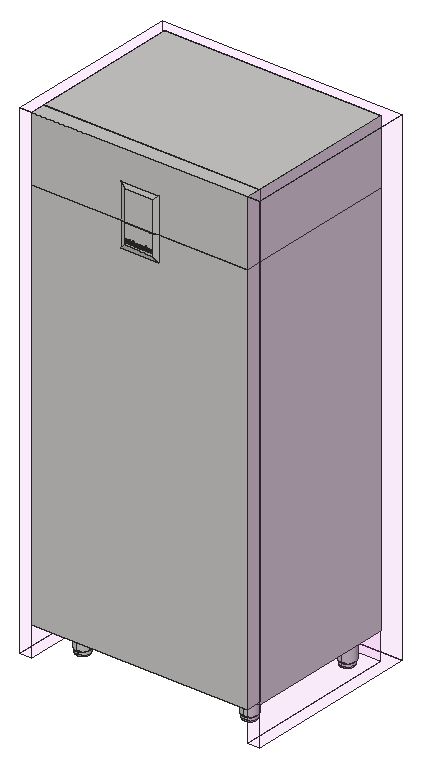
Revit family "QF_ELECTROLUXPROFESSIONAL_691350_PS06R1FLHC", category Specialty Equipment, Revit 2018
Family settings
  Round Connector Dimension = Use Diameter
  Part Type = Normal
  Work Plane-Based = No
  Always vertical = Yes
  Cut with Voids When Loaded = No
  Shared = No
  Room Calculation Point = No
Parameters
  Weight = 28.8044 lbm
  Watts = 0 W
  Volts = 380 V
  URL Manufacturer = "http://professional.electrolux.com/"
  URL = "http://professional.electrolux.com/"
  Steam Supply Size = 0"
  Steam Supply Minimum Pressure = 0.00 psi
  Steam Supply Maximum Pressure = 0.00 psi
  Steam Pounds per Hour = 0
  Show Clearance [instance] = yes
  Refrigeration Suction Line Size = 0"
  Refrigeration Liquid Line Size = 0"
  Refrigerant Compressor Remote = yes
  Phase = 0
  Model = "RBC201"
  Manufacturer = "Electrolux"
  Length Actual = 900 mm  # constant formula
  Item Number = "726624"
  Hot Water Size = 0"
  Height Actual = 2040 mm  # constant formula
  HP = "0.2 HP"
  Gas Size = 0"
  Gas KW = 0
  Gas Input Pressure = 0.0 Btu/h
  Direct Waste Size = 0"
  Description = "BLAST CHILLER 56 KG 20 GN1/1"
  Depth Actual = 700 mm  # constant formula
  Cycle = 50 Hz
  Condensate Return Size = 0"
  Compressed Air Volume = 0 GPM
  Compressed Air Size = 0"
  Compressed Air Pressure = 0.00 psi
  Cold Water Size = 0"
  Accessory = yes
Types (2, lengths in mm): name | Volts | URL Manufacturer | URL | Phase | Model | Manufacturer | Item Number | Description
  (no name) | 380 V | "http://professional.electrolux.com/" | "http://professional.electrolux.com/" | 0 | "RBC201" | "Electrolux" | "726624" | "BLAST CHILLER 56 KG 20 GN1/1"
  Standard | 220 V | "http://professional.electrolux.com" | "http://professional.electrolux.com" | 1 | "PS06R1FLHC" | "Electrolux Professional" | "691350" | "1-DOOR REFRIGERATOR 720LT,0/+10°,PROSTORE,R290-LEFT"
Reference planes
  plane 1 "BACK": y = 0
  plane 2: z = 0
  plane 3 "LEFT": x = 0
  plane 4 "RIGHT": x = 900
  plane 5 "FRONT": y = -700
  plane 6 "TOP": z = 2040
  plane 7 "Center Y": x = 450
  plane 8 "Center X": y = -350
  plane 9: x = 102
  plane 10: x = 798
  plane 11: z = 115
  plane 12: z = 86
  plane 13: y = -80
  plane 14: y = -694
  plane 15: y = -1527
  plane 16: y = -630
  plane 17: z = 1770
  plane 18: x = -50
  plane 19: y = 50
  plane 20: x = 950
Forms (mm)
  Extrusion 1, solid, material "QF_Metal - Stainless - Polished"
    sketch origin (0, 0, 0) x (1, 0, 0) y (0, 0, 1)
      loop
        line (0, 2040) -> (0, 1770) -> (900, 1770) -> (900, 2040) -> (0, 2040)
    from 0 to 630
  Extrusion 2, solid, material "QF_Metal - Stainless - Polished"
    sketch origin (0, 0, 0) x (1, 0, 0) y (0, 0, 1)
      loop
        line (0, 1770) -> (0, 115) -> (900, 115) -> (900, 1770) -> (0, 1770)
    from 0 to 630
  Extrusion 3, solid, material "QF_Metal - Stainless - Polished"
    sketch origin (-370, 0, -128) x (1, 0, 0) y (0, 0, 1)
      loop
        circle (450, 1847.083) r 20
    from -7.507 to 0
  Extrusion 4, solid, material "QF_Metal - Stainless - Polished"
    sketch origin (0, 130.478, 0) x (1, 0, 0) y (0, 0, 1)
      loop
        line (0, 2040) -> (0, 1770) -> (900, 1770) -> (900, 2040) -> (0, 2040)
    from 760.478 to 824.478
  Extrusion 5, solid, material "QF_Metal - Stainless - Polished"
    sketch origin (0, 140, 0) x (1, 0, 0) y (0, 0, 1)
      loop
        line (0, 1770) -> (0, 127.536) -> (900, 127.536) -> (900, 1770) -> (0, 1770)
    from 834 to 770
  Revolve 6, solid, material "QF_Metal - Stainless - Polished"
    sketch origin (798, -2.833, 0) x (0, 1, 0) y (0, 0, -1)
      loop
        line (-590.954, -115) -> (-553.167, -115) -> (-553.167, 0) -> (-578.757, 0)
        arc (-578.757, 0) -> (-580.973, -2.655) -> (-581.767, -6.021) r 7.527
        line (-581.767, -6.021) -> (-581.767, -17.561) -> (-585.28, -21.074) -> (-585.28, -110.008) -> (-590.954, -110.008) -> (-590.954, -115)
      axis (-553.167, 0) -> (-553.167, -115)
    angle from 0 to 360
  Revolve 7, solid, material "QF_Metal - Stainless - Polished"
    sketch origin (102, -2.833, 0) x (0, 1, 0) y (0, 0, 1)
      loop
        line (-590.954, 115) -> (-590.954, 110.008) -> (-585.28, 110.008) -> (-585.28, 21.074) -> (-581.767, 17.561) -> (-581.767, 6.021)
        arc (-581.767, 6.021) -> (-580.973, 2.655) -> (-578.757, 0) r 7.527
        line (-578.757, 0) -> (-553.167, 0) -> (-553.167, 115) -> (-590.954, 115)
      axis (-553.167, 0) -> (-553.167, 115)
    angle from 0 to 360
  Revolve 8, solid, material "QF_Metal - Stainless - Polished"
    sketch origin (824, -759.167, 0) x (0, -1, 0) y (0, 0, 1)
      loop
        line (-716.954, 115) -> (-716.954, 110.008) -> (-711.28, 110.008) -> (-711.28, 21.074) -> (-707.767, 17.561) -> (-707.767, 6.021)
        arc (-707.767, 6.021) -> (-706.973, 2.655) -> (-704.757, 0) r 7.527
        line (-704.757, 0) -> (-679.167, 0) -> (-679.167, 115) -> (-716.954, 115)
      axis (-679.167, 0) -> (-679.167, 115)
    angle from 0 to 360
  Revolve 9, solid, material "QF_Metal - Stainless - Polished"
    sketch origin (76, -759.167, 0) x (0, -1, 0) y (0, 0, 1)
      loop
        line (-716.954, 115) -> (-716.954, 110.008) -> (-711.28, 110.008) -> (-711.28, 21.074) -> (-707.767, 17.561) -> (-707.767, 6.021)
        arc (-707.767, 6.021) -> (-706.973, 2.655) -> (-704.757, 0) r 7.527
        line (-704.757, 0) -> (-679.167, 0) -> (-679.167, 115) -> (-716.954, 115)
      axis (-679.167, 0) -> (-679.167, 115)
    angle from 0 to 360
  Blend 10, solid, material "QF_Metal - Stainless - Polished"
    base sketch origin (0, -694, 0) x (1, 0, 0) y (0, 0, 1)
      loop
        line (370, 1914.822) -> (370, 1664.822) -> (530, 1664.822) -> (530, 1914.822) -> (370, 1914.822)
    top sketch origin (0, -694, 0) x (1, 0, 0) y (0, 0, 1)
      loop
        line (510, 1894.822) -> (390, 1894.822) -> (390, 1684.822) -> (510, 1684.822) -> (510, 1894.822)
    from 0 to 6
  Extrusion 11, void
    sketch origin (0, -700, 0) x (-1, 0, 0) y (0, 0, 1)
      loop
        line (-370, 1770.997) -> (-530, 1770.997) -> (-530, 1769.003) -> (-370, 1769.003) -> (-370, 1770.997)
    from 0 to 6
  Extrusion 12, solid, material "QF_Door-Drawer Clearances"
    sketch origin (0, 0, 0) x (1, 0, 0) y (0, 1, 0)
      loop
        line (0, -694) -> (0, 0) -> (900, 0) -> (900, -694) -> (950, -694) -> (950, 50) -> (-50, 50) -> (-50, -694) -> (0, -694)
    from 0 to 2040
  Extrusion 13, solid, material "QF_Door-Drawer Clearances", visible <- "Show Clearance", detail levels coarse
    sketch origin (900, 0, 0) x (-1, 0, 0) y (0, -1, 0)
      loop
        line (900, 694) -> (900, 1527)
        arc (900, 1527) -> (275.209, 1299.35) -> (0, 694) r 859.201
        line (0, 694) -> (900, 694)
    from 127.536 to 1770
Cuts and joins
  Extrusion 11 cuts Extrusion 1
  Extrusion 11 cuts Extrusion 2
  Extrusion 11 cuts Extrusion 4
  Extrusion 11 cuts Extrusion 5
  Extrusion 11 cuts Blend 10
Lines and regions (mm)
  Split face 1
    outline origin (0, -700, 0) x (1, 0, 0) y (0, 0, 1)
      loop
        line (415, 1894.822) -> (415, 1742.499) -> (485, 1742.499) -> (485, 1894.822)
  symbolic lines
    curve 1: line (0, 0, 0) -> (900, 0, 0)
    curve 2: line (0, -694, 0) -> (0, 0, 0)
    curve 3: line (900, -694, 0) -> (0, -694, 0)
    curve 4: line (900, 0, 0) -> (900, -694, 0)
    curve 5: line (0, -630, 0) -> (900, -630, 0)
    curve 6: line (370, -694, 0) -> (390, -700, 0)
    curve 7: line (390, -700, 0) -> (510, -700, 0)
    curve 8: line (510, -700, 0) -> (530, -694, 0)
  symbolic lines, style "QF_Door-Drawer Clearances"
    curve 9: arc (0, -1527, 0) -> (624.791, -1299.35, 0) -> (900, -694, 0) r 859.201
    curve 10: line (0, -694, 0) -> (0, -1527, 0)
    curve 11: line (0, -694, 0) -> (-50, -694, 0)
    curve 12: line (-50, -694, 0) -> (-50, 50, 0)
    curve 13: line (-50, 50, 0) -> (950, 50, 0)
    curve 14: line (950, 50, 0) -> (950, -694, 0)
    curve 15: line (950, -694, 0) -> (900, -694, 0)
Dimensions and locks
  equal spacing: plane 3 "LEFT", plane 7 "Center Y", plane 4 "RIGHT"
  plane 3 "LEFT" to plane 4 "RIGHT" = 900 mm
  equal spacing: plane 5 "FRONT", plane 8 "Center X", plane 1 "BACK"
  plane 5 "FRONT" to plane 1 "BACK" = 700 mm
  plane 6 "TOP" to level = 2040 mm
  plane 9 to plane 3 "LEFT" = 102 mm
  plane 10 to plane 4 "RIGHT" = 102 mm
  plane 10 to plane 9 = 696 mm
  plane 11 to level = 115 mm
  plane 12 to plane 11 = 29 mm
  plane 1 "BACK" to plane 13 = 80 mm
  plane 15 to plane 1 "BACK" = 1527 mm
  plane 11 to plane 2 = 115 mm
  plane 1 "BACK" to plane 16 = 630 mm
  plane 18 to plane 3 "LEFT" = 50 mm
  plane 4 "RIGHT" to plane 20 = 50 mm
  plane 1 "BACK" to plane 19 = 50 mm
  aligned and locked: level to plane 2
  aligned and locked: Extrusion 4 to plane 4 "RIGHT"
  aligned and locked: Extrusion 4 to plane 3 "LEFT"
  aligned and locked: plane 5 "FRONT" to Blend 10
Automatic sketch dimensions
  Extrusion 1 sketch curve to plane 3 "LEFT" = 0 mm
  plane 4 "RIGHT" to Extrusion 1 sketch curve = 0 mm
  Extrusion 1 sketch curve to plane 17 = 0 mm
  Extrusion 1 sketch curve to plane 6 "TOP" = 0 mm
  Extrusion 2 sketch curve to plane 3 "LEFT" = 0 mm
  plane 4 "RIGHT" to Extrusion 2 sketch curve = 0 mm
  Extrusion 2 sketch curve to plane 11 = 0 mm
  Extrusion 2 sketch curve to plane 17 = 0 mm
  Extrusion 3 sketch curve to plane 9 = 22 mm
  Extrusion 3 sketch curve to plane 17 = 50.917 mm
  Extrusion 4 sketch curve to plane 3 "LEFT" = 0 mm
  plane 4 "RIGHT" to Extrusion 4 sketch curve = 0 mm
  Extrusion 4 sketch curve to plane 17 = 0 mm
  Extrusion 4 sketch curve to plane 6 "TOP" = 0 mm
  Extrusion 5 sketch curve to plane 3 "LEFT" = 0 mm
  plane 4 "RIGHT" to Extrusion 5 sketch curve = 0 mm
  Extrusion 5 sketch curve to plane 17 = 0 mm
  plane 11 to Extrusion 5 sketch curve = 12.536 mm
  plane 11 to Revolve 6 sketch curve = 0 mm
  Revolve 6 sketch curve to level = 0 mm
  plane 16 to Revolve 6 sketch curve = 36.213 mm
  Revolve 6 sketch curve to Revolve 6 sketch curve = 5.674 mm
  Revolve 6 sketch curve to Revolve 6 sketch curve = 3.513 mm  (x2)
  Revolve 6 sketch curve to Revolve 6 sketch curve = 3.01 mm
  level to Revolve 6 sketch curve = 6.021 mm
  Revolve 6 sketch curve to Revolve 6 sketch curve = 21.073 mm
  Revolve 6 sketch curve to plane 11 = 4.992 mm  (x2)
  Revolve 6 sketch curve to Revolve 6 sketch curve = 15.053 mm
  Revolve 6 sketch curve to Revolve 6 sketch curve = 0 mm
  Revolve 6 sketch curve to Revolve 6 sketch curve = 20.008 mm
  Revolve 7 sketch curve to plane 11 = 0 mm
  Revolve 7 sketch curve to level = 0 mm
  plane 16 to Revolve 7 sketch curve = 36.213 mm
  Revolve 7 sketch curve to Revolve 7 sketch curve = 5.674 mm
  Revolve 7 sketch curve to Revolve 7 sketch curve = 3.513 mm  (x2)
  Revolve 7 sketch curve to Revolve 7 sketch curve = 3.01 mm
  level to Revolve 7 sketch curve = 6.021 mm
  Revolve 7 sketch curve to Revolve 7 sketch curve = 21.073 mm
  Revolve 7 sketch curve to Revolve 7 sketch curve = 11.54 mm
  Revolve 7 sketch curve to plane 11 = 4.992 mm
  Revolve 7 sketch curve to Revolve 7 sketch curve = 0 mm
  Revolve 7 sketch curve to Revolve 7 sketch curve = 4.992 mm
  plane 11 to Revolve 7 sketch curve = 20.008 mm
  Revolve 8 sketch curve to plane 11 = 0 mm
  Revolve 8 sketch curve to level = 0 mm
  Revolve 8 sketch curve to plane 13 = 0 mm  (x2)
  level to Revolve 8 sketch curve = 6.021 mm
  Revolve 8 sketch curve to plane 13 = 21.073 mm
  Revolve 8 sketch curve to Revolve 8 sketch curve = 4.517 mm
  Revolve 8 sketch curve to Revolve 8 sketch curve = 3.513 mm  (x2)
  Revolve 8 sketch curve to Revolve 8 sketch curve = 5.674 mm
  Revolve 8 sketch curve to Revolve 8 sketch curve = 11.54 mm
  Revolve 8 sketch curve to plane 11 = 4.992 mm
  Revolve 8 sketch curve to Revolve 8 sketch curve = 4.992 mm
  plane 11 to Revolve 8 sketch curve = 20.008 mm
  Revolve 9 sketch curve to plane 11 = 0 mm
  Revolve 9 sketch curve to level = 0 mm
  Revolve 9 sketch curve to plane 13 = 0 mm  (x2)
  Revolve 9 sketch curve to level = 6.021 mm
  plane 13 to Revolve 9 sketch curve = 21.073 mm
  Revolve 9 sketch curve to Revolve 9 sketch curve = 4.517 mm
  Revolve 9 sketch curve to Revolve 9 sketch curve = 3.513 mm  (x2)
  Revolve 9 sketch curve to Revolve 9 sketch curve = 5.674 mm
  Revolve 9 sketch curve to Revolve 9 sketch curve = 11.54 mm
  plane 11 to Revolve 9 sketch curve = 4.992 mm  (x2)
  Revolve 9 sketch curve to Revolve 9 sketch curve = 20.008 mm
  Blend 10 sketch curve to Extrusion 5 = 105.178 mm
  Blend 10 sketch curve to Extrusion 5 = 370 mm
  Blend 10 sketch curve to Blend 10 sketch curve = 160 mm
  Extrusion 5 to Blend 10 sketch curve = 144.822 mm
  Extrusion 5 to Blend 10 sketch curve = 124.822 mm
  Blend 10 sketch curve to Extrusion 5 = 390 mm
  Blend 10 sketch curve to Blend 10 sketch curve = 120 mm
  Blend 10 sketch curve to Extrusion 5 = 85.178 mm
  Split face 1 sketch curve to Blend 10 = 0 mm  (x2)
  Split face 1 sketch curve to Blend 10 = 25 mm  (x2)
  Split face 1 sketch curve to Blend 10 = 57.677 mm
  Extrusion 11 sketch curve to Blend 10 = 20 mm  (x2)
  Blend 10 to Extrusion 11 sketch curve = 84.181 mm
  Extrusion 11 sketch curve to Extrusion 11 sketch curve = 1.995 mm
  plane 14 to Extrusion 12 sketch curve = 0 mm  (x2)
  Extrusion 12 sketch curve to plane 18 = 0 mm
  Extrusion 12 sketch curve to plane 3 "LEFT" = 0 mm
  Extrusion 12 sketch curve to plane 4 "RIGHT" = 0 mm
  Extrusion 12 sketch curve to plane 19 = 0 mm
  Extrusion 12 sketch curve to plane 20 = 0 mm
  plane 1 "BACK" to Extrusion 12 sketch curve = 0 mm
  Extrusion 13 sketch curve to plane 4 "RIGHT" = 0 mm
  Extrusion 13 sketch curve to plane 3 "LEFT" = 0 mm
  plane 14 to Extrusion 13 sketch curve = 0 mm
  Extrusion 13 sketch curve to plane 15 = 0 mm
  Extrusion 13 sketch curve to plane 14 = 25.214 mm
  curve 13 to plane 18 = 0 mm
  curve 3 to plane 3 "LEFT" = 0 mm
  plane 5 "FRONT" to curve 7 = 0 mm
  curve 15 to plane 4 "RIGHT" = 0 mm
  curve 14 to plane 20 = 0 mm
  plane 14 to curve 15 = 0 mm
  curve 9 to plane 15 = 0 mm
  curve 5 to plane 16 = 0 mm
  plane 1 "BACK" to curve 4 = 0 mm
  curve 13 to plane 19 = 0 mm
  curve 9 to plane 14 = 25.214 mm
  curve 7 to plane 7 "Center Y" = 60 mm
  plane 7 "Center Y" to curve 8 = 60 mm
  curve 6 to curve 6 = 20 mm
  curve 7 to curve 8 = 20 mm
  radius of Extrusion 3 sketch curve = 20 mm
Nested families
  nested 1: "ELX_Logo_S" at (450.625, -700, 1704.375) x (1, 0, 0) z (0, -1, 0), type "ELX_Logo_S"
Connectors
  electrical at (80, 7.507, 1719.083), driven by "Volts"
    settings: on Extrusion 3, index 2, voltage 380 V, apparent load 0 VA, apparent load phase1 0 VA, apparent load phase2 0 VA, apparent load phase3 0 VA, power factor 1, load classification "Other", number of poles 1, system type 30, power factor state 1, is connector primary yes, connector utility no, sub classification motor no, connector description "Electrical Connection"
Definition of nested family "ELX_Logo_S"
  Parameters (values of type "ELX_Logo_S")
    Default Elevation = 0 mm
  Reference planes
    plane 1 "Centro (Fronte/Retro)": y = 0
    plane 2: z = 0
    plane 3 "Centro (Sinistra/Destra)": x = 0
  Forms (mm)
    Extrusion 1, solid
      sketch origin (0, 0, 0) x (1, 0, 0) y (0, 1, 0)
        loop
          line (-1219.2, 1219.2) -> (-1219.2, -1219.2) -> (1219.2, -1219.2) -> (1219.2, 1219.2) -> (-1219.2, 1219.2)
      from 0 to -304.8
    Extrusion 2, solid
      sketch origin (0, 0, 0) x (1, 0, 0) y (0, 1, 0)
        loop
          line (-43.793, 5.912) -> (-43.793, -6.455)
          arc (-43.793, -6.455) -> (-39.222, -0.272) -> (-43.793, 5.912) r 6.467
        loop
          arc (-44.422, 5.912) -> (-49.565, 4.743) -> (-52.043, 0.087) r 6.338
          line (-52.043, 0.087) -> (-49.997, 0.087)
          arc (-49.997, 0.087) -> (-46.342, 1.57) -> (-44.422, 5.016) r 5.941
          line (-44.422, 5.016) -> (-44.422, 5.912)
        loop
          arc (-44.422, -5.559) -> (-46.342, -2.114) -> (-49.997, -0.63) r 5.941
          line (-49.997, -0.63) -> (-52.043, -0.63)
          arc (-52.043, -0.63) -> (-49.569, -5.324) -> (-44.422, -6.614) r 6.504
          line (-44.422, -6.614) -> (-44.422, -5.559)
        loop
          line (-52.512, 6.586) -> (-52.512, -7.158) -> (-38.749, -7.158) -> (-38.749, 6.586) -> (-52.512, 6.586)
        loop
          arc (-35.782, 6.67) -> (-36.139, 6.322) -> (-35.801, 5.955) r 0.358
          arc (-35.801, 5.955) -> (-35.051, 5.641) -> (-34.666, 4.924) r 1.216
          line (-34.666, 4.924) -> (-34.666, -5.488)
          arc (-34.666, -5.488) -> (-34.944, -6.148) -> (-35.54, -6.544) r 1.238
          arc (-35.54, -6.544) -> (-35.791, -6.939) -> (-35.437, -7.244) r 0.358
          line (-35.437, -7.244) -> (-25.558, -7.244) -> (-25.558, -4.494) -> (-26.455, -4.494)
          arc (-26.455, -4.494) -> (-27.035, -5.403) -> (-28.012, -5.858) r 1.928
          line (-28.012, -5.858) -> (-30.511, -5.858)
          arc (-30.511, -5.858) -> (-31.24, -5.583) -> (-31.604, -4.894) r 1.101
          line (-31.604, -4.894) -> (-31.604, -0.808) -> (-27.931, -0.808)
          arc (-27.931, -0.808) -> (-27.434, -1.16) -> (-27.206, -1.725) r 1.083
          arc (-27.206, -1.725) -> (-26.9, -1.989) -> (-26.622, -1.697) r 0.292
          line (-26.622, -1.697) -> (-26.622, 1.265)
          arc (-26.622, 1.265) -> (-26.895, 1.568) -> (-27.225, 1.329) r 0.305
          arc (-27.225, 1.329) -> (-27.473, 0.839) -> (-27.931, 0.534) r 1.083
          line (-27.931, 0.534) -> (-31.604, 0.534) -> (-31.604, 5.211) -> (-27.857, 5.211)
          arc (-27.857, 5.211) -> (-27.101, 4.997) -> (-26.603, 4.39) r 1.314
          arc (-26.603, 4.39) -> (-26.199, 4.171) -> (-25.907, 4.526) r 0.361
          line (-25.907, 4.526) -> (-25.907, 6.67) -> (-35.782, 6.67)
        loop
          arc (-25.126, 5.953) -> (-24.207, 5.572) -> (-23.827, 4.654) r 1.299
          line (-23.827, 4.654) -> (-23.827, -4.925)
          arc (-23.827, -4.925) -> (-24.205, -5.763) -> (-25.083, -6.035) r 1.118
          line (-25.083, -6.035) -> (-25.083, -7.244) -> (-19.733, -7.244) -> (-19.733, -6.056)
          arc (-19.733, -6.056) -> (-20.65, -5.784) -> (-21.046, -4.914) r 1.153
          line (-21.046, -4.914) -> (-21.046, 7.158) -> (-25.126, 5.953)
        loop
          line (-17.097, -2.28) -> (-10.65, -2.28) -> (-10.65, -1.481)
          arc (-10.65, -1.481) -> (-11.634, 1.1) -> (-14.088, 2.369) r 3.874
          line (-14.088, 2.369) -> (-15.848, 2.369)
          arc (-15.848, 2.369) -> (-18.713, 1.182) -> (-19.899, -1.682) r 4.051
          line (-19.899, -1.682) -> (-19.899, -3.691)
          arc (-19.899, -3.691) -> (-18.414, -6.509) -> (-15.407, -7.561) r 4.352
          arc (-15.407, -7.561) -> (-12.944, -7.196) -> (-10.87, -5.819) r 5.713
          line (-10.87, -5.819) -> (-10.87, -4.87)
          arc (-10.87, -4.87) -> (-12.439, -5.603) -> (-14.157, -5.819) r 5.579
          arc (-14.157, -5.819) -> (-16.12, -5.025) -> (-17.097, -3.146) r 3.057
          line (-17.097, -3.146) -> (-17.097, -2.28)
        loop
          line (-17.097, -1.02) -> (-13.515, -1.02)
          arc (-13.515, -1.02) -> (-13.468, 0.436) -> (-14.627, 1.319) r 1.59
          line (-14.627, 1.319) -> (-15.457, 1.319)
          arc (-15.457, 1.319) -> (-16.712, 0.455) -> (-17.097, -1.02) r 2.184
        loop
          arc (-1.232, 1.771) -> (-2.906, 2.259) -> (-4.643, 2.417) r 9.023
          line (-4.643, 2.417) -> (-6.005, 2.417)
          arc (-6.005, 2.417) -> (-8.805, 1.257) -> (-9.965, -1.542) r 3.959
          line (-9.965, -1.542) -> (-9.965, -4.142)
          arc (-9.965, -4.142) -> (-8.672, -6.424) -> (-6.299, -7.541) r 4.331
          line (-6.299, -7.541) -> (-4.164, -7.541)
          arc (-4.164, -7.541) -> (-2.614, -7.033) -> (-1.268, -6.112) r 5.772
          arc (-1.268, -6.112) -> (-1.217, -5.35) -> (-1.976, -5.263) r 0.553
          arc (-1.976, -5.263) -> (-2.71, -5.651) -> (-3.529, -5.785) r 2.573
          line (-3.529, -5.785) -> (-5.044, -5.785)
          arc (-5.044, -5.785) -> (-6.686, -4.779) -> (-7.328, -2.965) r 2.884
          line (-7.328, -2.965) -> (-7.328, -1.686)
          arc (-7.328, -1.686) -> (-6.768, 0.135) -> (-5.103, 1.062) r 2.554
          line (-5.103, 1.062) -> (-4.05, 1.062)
          arc (-4.05, 1.062) -> (-3.122, 0.73) -> (-2.387, 0.073) r 2.564
          arc (-2.387, 0.073) -> (-1.67, -0.148) -> (-1.232, 0.461) r 0.643
          line (-1.232, 0.461) -> (-1.232, 1.771)
        loop
          line (-0.962, 0.752) -> (0.539, 0.752) -> (0.539, -5.296)
          arc (0.539, -5.296) -> (1.197, -6.884) -> (2.785, -7.541) r 2.246
          line (2.785, -7.541) -> (4.369, -7.541)
          arc (4.369, -7.541) -> (5.233, -7.228) -> (6.005, -6.727) r 4.06
          arc (6.005, -6.727) -> (6.138, -5.995) -> (5.437, -5.743) r 0.576
          arc (5.437, -5.743) -> (4.911, -5.849) -> (4.379, -5.785) r 1.69
          arc (4.379, -5.785) -> (3.591, -5.244) -> (3.288, -4.337) r 1.506
          line (3.288, -4.337) -> (3.288, 0.801) -> (5.685, 0.801) -> (6.241, 1.357) -> (6.241, 2.179) -> (3.382, 2.179) -> (3.382, 5.41) -> (-0.962, 0.752)
        loop
          line (7.139, -7.324) -> (12.526, -7.324) -> (12.526, -6.214)
          arc (12.526, -6.214) -> (11.575, -5.82) -> (11.181, -4.869) r 1.345
          line (11.181, -4.869) -> (11.181, -1.253)
          arc (11.181, -1.253) -> (11.773, -0.488) -> (12.695, -0.199) r 1.615
          line (12.695, -0.199) -> (14.251, -0.199) -> (14.936, 2.357) -> (13.553, 2.357) -> (10.994, 0.414) -> (10.994, 2.295) -> (8.288, 2.01)
          arc (8.288, 2.01) -> (7.758, 1.571) -> (7.959, 0.912) r 0.621
          arc (7.959, 0.912) -> (8.301, 0.512) -> (8.484, 0.018) r 1.501
          line (8.484, 0.018) -> (8.484, -4.869)
          arc (8.484, -4.869) -> (8.09, -5.82) -> (7.139, -6.214) r 1.345
          line (7.139, -6.214) -> (7.139, -7.324)
        loop
          line (14.473, -1.222) -> (14.473, -3.914)
          arc (14.473, -3.914) -> (15.781, -6.36) -> (18.311, -7.494) r 4.288
          arc (18.311, -7.494) -> (19.692, -7.557) -> (21.072, -7.494) r 15.022
          arc (21.072, -7.494) -> (23.603, -6.36) -> (24.91, -3.914) r 4.288
          line (24.91, -3.914) -> (24.91, -1.222)
          arc (24.91, -1.222) -> (23.603, 1.223) -> (21.072, 2.357) r 4.288
          arc (21.072, 2.357) -> (19.692, 2.421) -> (18.311, 2.357) r 15.022
          arc (18.311, 2.357) -> (15.781, 1.223) -> (14.473, -1.222) r 4.288
        loop
          line (17.587, -1.017) -> (17.587, -4.119)
          arc (17.587, -4.119) -> (19.744, -6.276) -> (21.901, -4.119) r 2.157
          line (21.901, -4.119) -> (21.901, -1.017)
          arc (21.901, -1.017) -> (19.744, 1.14) -> (17.587, -1.017) r 2.157
        loop
          arc (24.768, 5.964) -> (25.662, 5.593) -> (26.033, 4.699) r 1.264
          line (26.033, 4.699) -> (26.033, -5.165)
          arc (26.033, -5.165) -> (25.636, -6.035) -> (24.72, -6.307) r 1.153
          line (24.72, -6.307) -> (24.72, -7.244) -> (29.828, -7.244) -> (29.828, -6.316)
          arc (29.828, -6.316) -> (29.056, -5.957) -> (28.741, -5.165) r 1.153
          line (28.741, -5.165) -> (28.741, 7.158) -> (24.768, 5.964)
        loop
          arc (29.365, 1.084) -> (30.43, 0.885) -> (30.912, -0.085) r 1.215
          line (30.912, -0.085) -> (30.912, -5.105)
          arc (30.912, -5.105) -> (31.559, -6.719) -> (33.142, -7.44) r 2.338
          line (33.142, -7.44) -> (34.657, -7.44)
          arc (34.657, -7.44) -> (35.661, -7.266) -> (36.547, -6.763) r 2.979
          line (36.547, -6.763) -> (38.344, -7.244) -> (40.032, -7.244) -> (40.032, 2.181) -> (35.829, 1.887) -> (35.829, 1.101)
          arc (35.829, 1.101) -> (36.665, 0.745) -> (37.174, -0.007) r 1.605
          line (37.174, -0.007) -> (37.174, -5.11)
          arc (37.174, -5.11) -> (36.237, -5.531) -> (35.213, -5.603) r 2.94
          arc (35.213, -5.603) -> (34.112, -5.042) -> (33.669, -3.889) r 1.724
          line (33.669, -3.889) -> (33.669, 2.307) -> (29.365, 1.084)
        loop
          line (40.886, 2.112) -> (42.932, 0.44) -> (45.238, -2.734) -> (42.126, -6.191)
          arc (42.126, -6.191) -> (41.732, -6.428) -> (41.273, -6.405) r 0.789
          line (41.273, -6.405) -> (41.273, -7.244) -> (44.818, -7.244) -> (44.818, -6.418)
          arc (44.818, -6.418) -> (44.456, -6.076) -> (44.548, -5.586) r 0.52
          line (44.548, -5.586) -> (46.019, -3.786) -> (47.394, -5.904)
          arc (47.394, -5.904) -> (47.084, -6.305) -> (46.585, -6.392) r 0.7
          line (46.585, -6.392) -> (46.585, -7.244) -> (52.512, -7.244) -> (52.512, -6.358)
          arc (52.512, -6.358) -> (51.853, -6.291) -> (51.322, -5.896) r 1.247
          line (51.322, -5.896) -> (48.041, -1.696) -> (50.094, 0.751) -> (51.836, 2.112) -> (48.112, 2.112) -> (48.535, 0.627) -> (47.258, -0.895) -> (46.068, 0.806) -> (46.844, 2.112) -> (40.886, 2.112)
      from 0 to 1.644
  Dimensions and locks
    aligned and locked: plane 2 to Extrusion 1
    aligned and locked: level to Extrusion 1
